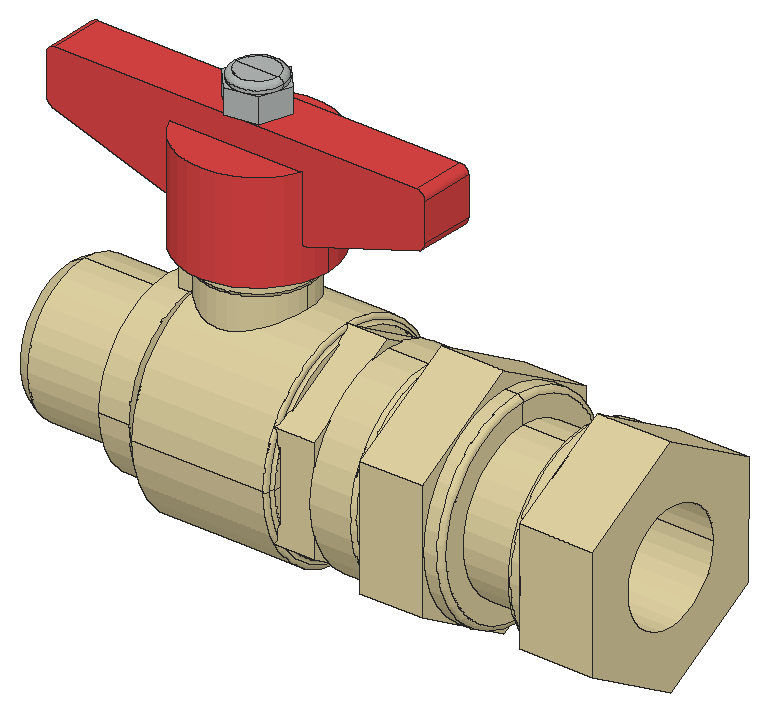
Revit family "QD00050000", category Apparecchi idraulici, Revit 2020
Family settings
  Quota connettore circolare = Usa diametro
  Tipo di parte = Normale
  Numero OmniClass = 23.45.00.00
  Titolo OmniClass = Sanitary, Laundry, and Cleaning Equipment
  Basato su piano di lavoro = No
  Sempre verticale = Sì
  Taglio con vuoti quando caricato = No
  Condiviso = No
  Punto di calcolo locali = No
Parameters
  URL = "https://web.cimberio.it/index.php/figura/157?subcategoria_id=43717"
  Temperatura di esercizio = "-20 ÷ 90°C"
  Prospetto di default = 0 mm
  Produttore = "CIMBERIO SPA"
  Pressione nominale = "PN 25"
  Modello = "Cim 199"
  Materiale = "Prodotto in lega di ottone conforme alla norma EN 12165-CW617N-DW"
  Descrizione = "Utilizzato nei più svariati settori dell'impiantistica: reti di distribuzione acqua potabile, impianti di riscaldamento, condizionamento, igienico-sanitari e in generale con ogni fluido non corrosivo"
  DN Model [instance] = QD00052133 : QD00052133
  DN [instance] = 20 mm
  Commenti sul tipo = "Realizzato in ottemperanza ai requisiti gestionali della norma EN ISO 9001. Collaudato al 100% secondo la normativa EN 12266-1"
Reference planes
  plane 1 "Centro (Fronte/Retro)": y = 0
  plane 2: z = 0
  plane 3 "Centro (Sinistra/Destra)": x = 0
Dimensions and locks
  aligned and locked: level to plane 2
Nested families
  nested 1: "QD00052133" at (0, 0, 0), type <- "DN Model", type "QD00052133"
  nested 2: "QD00052133" at (0, 0, 0), type <- "DN Model", type "QD00052133"
  nested 3: "QD00052133" at (0, 0, 0), type <- "DN Model", type "QD00052133"
  nested 4: "QD00052133" at (0, 0, 0), type <- "DN Model", type "QD00052133"
Connectors
  piping at (76.4, 0, 0), diameter 20, driven by "DN"
    settings: on nested 1, index 1, connector inside diameter 609.6 mm, connector length 0 mm, flow factor 0, pipe flow 0.0 L/s, pressure drop 0.0 Pa, fitting loss kfactor 0, connector angle 0.00°, fixture units 0, engagement length 0 mm, angle of deflection 0.00°, flow configuration 0, flow direction 0, fitting loss method 0, system type 7, joint type 0, gender type 0, connector reference index -1, connector utility 0, adjustable connector no, is connector primary yes, connector description ""
  piping at (-34.5, 0, 0), diameter 20, driven by "DN"
    settings: on nested 1, index 2, connector inside diameter 609.6 mm, connector length 0 mm, flow factor 0, pipe flow 0.0 L/s, pressure drop 0.0 Pa, fitting loss kfactor 0, connector angle 0.00°, fixture units 0, engagement length 0 mm, angle of deflection 0.00°, flow configuration 0, flow direction 0, fitting loss method 0, system type 7, joint type 0, gender type 0, connector reference index -1, connector utility 0, adjustable connector no, is connector primary no, connector description ""
Definition of nested family "QD00052133"
  Parameters (values of type "QD00052133")
    Default Elevation = 0 mm
  Reference planes
    plane 1 "Centro (Fronte/Retro)": y = 0
    plane 2: z = 0
    plane 3 "Centro (Sinistra/Destra)": x = 0
  Forms (mm)
    Revolve 1, solid
      sketch origin (0, 0, 0) x (1, 0, 0) y (0, 1, 0)
        loop
          line (-16.471, 10) -> (17.609, 10) -> (17.609, 18)
          arc (17.609, 18) -> (17.199, 18.241) -> (17.097, 18.705) r 0.594
          arc (17.097, 18.705) -> (17.006, 19.201) -> (16.6, 19.5) r 0.685
          line (16.6, 19.5) -> (-7.6, 19.5) -> (-11, 16.1) -> (-16.471, 16.1) -> (-16.471, 10)
        axis (-16.471, 0) -> (17.609, 0)
      angle from 0 to 360
    Extrusion 2, solid
      sketch origin (0, 0, 0) x (0, 1, 0) y (0, 0, 1)
        loop
          line (0, 19.5) -> (-16.887, 9.75) -> (-16.887, -9.75) -> (0, -19.5) -> (16.887, -9.75) -> (16.887, 9.75) -> (0, 19.5)
        loop
          circle (0, 0) r 10
      from 16.6 to 24.1
    Revolve 3, solid
      sketch origin (0, 0, 0) x (1, 0, 0) y (0, 0, 1)
        loop
          line (24.1, 10) -> (34.1, 10) -> (34.1, 17.5) -> (32.217, 17.5) -> (31.6, 18) -> (24.1, 18) -> (24.1, 10)
        axis (24.1, 0) -> (34.1, 0)
      angle from 0 to 360
    Extrusion 4, solid
      sketch origin (0, 0, 0) x (0, 1, 0) y (0, 0, 1)
        loop
          circle (0, 0) r 10
        loop
          line (0, 21.8) -> (-18.879, 10.9) -> (-18.879, -10.9) -> (0, -21.8) -> (18.879, -10.9) -> (18.879, 10.9) -> (0, 21.8)
      from 34.1 to 45.6
    Revolve 5, solid
      sketch origin (0, 0, 0) x (1, 0, 0) y (0, 0, 1)
        loop
          line (45.6, 10) -> (62.9, 10) -> (62.9, 18) -> (61.114, 18)
          arc (61.114, 18) -> (60.667, 17.879) -> (60.4, 17.5) r 0.681
          line (60.4, 17.5) -> (60.4, 14) -> (49.1, 14) -> (49.1, 17.75)
          arc (49.1, 17.75) -> (48.807, 18.457) -> (48.1, 18.75) r 1
          line (48.1, 18.75) -> (45.6, 18.75) -> (45.6, 10)
        axis (45.6, 0) -> (62.9, 0)
      angle from 0 to 360
    Extrusion 6, solid
      sketch origin (0, 0, 0) x (0, 1, 0) y (0, 0, 1)
        loop
          circle (0, 0) r 10
        loop
          line (0, 20.75) -> (-17.97, 10.375) -> (-17.97, -10.375) -> (0, -20.75) -> (17.97, -10.375) -> (17.97, 10.375) -> (0, 20.75)
      from 62.9 to 76.4
    Revolve 7, solid
      sketch origin (0, 0, 0) x (1, 0, 0) y (0, 0, 1)
        loop
          line (0, 31.3) -> (-9.887, 31.3) -> (-9.887, 24)
          arc (-9.887, 24) -> (-9.744, 23.606) -> (-9.381, 23.397) r 0.612
          line (-9.381, 23.397) -> (-9.381, 12.734) -> (0, 12.734) -> (0, 31.3)
        axis (0, 31.3) -> (0, 12.734)
      angle from 0 to 360
    Extrusion 8, solid
      sketch origin (0, 0, 0) x (1, 0, 0) y (0, 0, 1)
        loop
          line (-15, 31.3) -> (-15, 24) -> (-13, 22.845) -> (-13, 12.845) -> (-7.035, 12.845) -> (-7.035, 31.3) -> (-15, 31.3)
      from 0 to 1.981
    Revolve 9, solid
      sketch origin (0, 0, 0) x (1, 0, 0) y (0, 0, 1)
        loop
          line (0, 32.8) -> (-8.3, 32.8) -> (-8.3, 31.3) -> (0, 31.3) -> (0, 32.8)
        axis (0, 32.8) -> (0, 31.3)
      angle from 0 to 360
    Revolve 10, solid
      sketch origin (0, 0, 0) x (1, 0, 0) y (0, 0, 1)
        loop
          line (10.545, 26.8) -> (13.134, 26.8) -> (13.134, 45.125) -> (0, 45.125) -> (0, 37.89) -> (10.545, 37.89) -> (10.545, 26.8)
        axis (0, 45.125) -> (0, 26.8)
      angle from 0 to 360
    Extrusion 11, solid
      sketch origin (0, 0, 0) x (1, 0, 0) y (0, 0, 1)
        loop
          arc (-35, 41.227) -> (-34.714, 40.345) -> (-33.964, 39.8) r 1.5
          line (-33.964, 39.8) -> (-13.136, 33.033) -> (13.136, 33.033) -> (33.964, 39.8)
          arc (33.964, 39.8) -> (34.714, 40.345) -> (35, 41.227) r 1.5
          line (35, 41.227) -> (35, 48.3)
          arc (35, 48.3) -> (34.561, 49.361) -> (33.5, 49.8) r 1.5
          line (33.5, 49.8) -> (-33.5, 49.8)
          arc (-33.5, 49.8) -> (-34.561, 49.361) -> (-35, 48.3) r 1.5
          line (-35, 48.3) -> (-35, 41.227)
      from -5 to 5
    Extrusion 12, solid
      sketch origin (0, 0, 0) x (1, 0, 0) y (0, 1, 0)
        loop
          line (1.88, 5.461) -> (-3.789, 4.359) -> (-5.669, -1.102) -> (-1.88, -5.461) -> (3.789, -4.359) -> (5.669, 1.102) -> (1.88, 5.461)
      from 49.8 to 54.3
    Revolve 13, solid
      sketch origin (0, 0, 0) x (1, 0, 0) y (0, 0, 1)
        loop
          line (3.75, 55.8) -> (0, 55.8) -> (0, 53.912) -> (4.75, 53.912) -> (4.75, 54.8)
          arc (4.75, 54.8) -> (4.457, 55.507) -> (3.75, 55.8) r 1
        axis (0, 55.8) -> (0, 53.912)
      angle from 0 to 360
    Revolve 14, solid
      sketch origin (0, 0, 0) x (1, 0, 0) y (0, 0, 1)
        loop
          line (-34.5, 10) -> (-16.471, 10) -> (-16.471, 13.144) -> (-32.018, 13.144) -> (-34.5, 11.711) -> (-34.5, 10)
        axis (-34.5, 0) -> (-16.471, 0)
      angle from 0 to 360
  Dimensions and locks
    aligned and locked: level to plane 2
